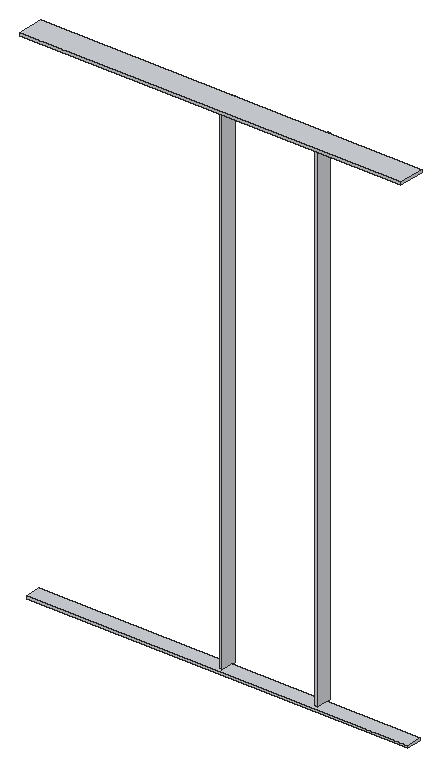
Revit family "AVLN_Ограждение типовое_соединитель", category Специальное оборудование, Revit 2021
Family settings
  Размер круглого соединителя = Использовать диаметр
  Тип детали = Нормальный
  На основе рабочей плоскости = Нет
  Всегда вертикально = Да
  При загрузке вырезать с полостями = Нет
  Общий = Нет
  Точка принадлежности помещению = Нет
Parameters (values of type "тип 1")
  число стоек = if(Число стоек расчет < 2, 2, Число стоек расчет + 1)  # 2
  справа до стойки = 0 mm
  перепад высоты = tan(Угол_реальный) * Длина  # 0 mm
  от 3 до4 стержня = 200 mm
  Ширина проступи = 300 mm
  Шаг разделительных стоек = 150 mm
  Число стоек расчет = (Длина - (слева до стойки + справа до стойки)) / Расстояние между стойками  # 1
  Число = 2 mm
  Уклон по углу = yes
  Угол_реальный = if(Уклон по углу, Угол, atan(Высота подступенка / Ширина проступи))  # 0.00°
  Угол = 0.00°
  Стойки = no
  Стойка = направляющие : Прокат_квадрат_20х20
  Стержень_3 = направляющие : Прокат_полоса 25х4
  Стержень_2 = направляющие : Прокат_полоса 25х4
  Стержень_1 = направляющие : Прокат_полоса 25х4
  Стержень 4 = направляющие : Прокат_полоса 25х4
  Смещение стоек по высоте справа = tan(Угол_реальный) * справа до стойки  # 0 mm
  Смещение стоек по высоте слева = tan(Угол_реальный) * слева до стойки  # 0 mm
  Смещение поручня по высоте = tan(Угол_реальный) * Вылет верхнего поручня  # 0 mm
  Расчет [instance] = ""
  Расстояние между стойками = 1000 mm
  от поручня до стержня 1 = 200 mm
  от 2 до 3 стержня = 200 mm
  от 1 до 2 стержня = 200 mm
  слева до стойки = 0 mm
  высота поручня от ур.ч.п. = 1000 mm
  смещение вниз от ур.ч.п = 200 mm
  Стоимость = 0
  Расстояние до стены = 0 mm
  Разделительная стойка = направляющие : Прокат_полоса 25х4
  Разделит стойка 9 = Число > 8 mm  # no
  Разделит стойка 8 = Число > 7 mm  # no
  Разделит стойка 7 = Число > 6 mm  # no
  Разделит стойка 6 = Число > 5 mm  # no
  Разделит стойка 5 = Число > 4 mm  # no
  Разделит стойка 4 = Число > 3 mm  # no
  Разделит стойка 3 = Число > 2 mm  # no
  Разделит стойка 2 = Число > 1 mm  # yes
  Разделит стойка 11 = Число > 10 mm  # no
  Разделит стойка 10 = Число > 9 mm  # no
  Разделит стойка 1 = Число > 0.5 mm  # yes
  Позиция для ограждения = 0
  Перепад высоты верхнего поручня = tan(Угол_реальный) * (Длина + Вылет верхнего поручня * 2)  # 0 mm
  Отметка по умолчанию = 0 mm
  Мега_массив = число стоек - 1  # 1
  Марка ограждения = ""
  Крепление к стене = Крепление к стене : 60х200 х 6_Горизонтальная
  Комментарии к типоразмеру = "тип 1"
  Keynote = ""
  Manufacturer = ""
  Длина_проверочная = (слева до стойки + справа до стойки) + ((число стоек - 1) * Расстояние между стойками)  # 1000 mm
  Длина гипотенузы верхнего поручня = sqrt(Перепад высоты верхнего поручня ^ 2 + (Длина + Вылет верхнего поручня * 2) ^ 2)  # 600 mm
  Длина гипотенузы = sqrt(перепад высоты ^ 2 + Длина ^ 2)  # 600 mm
  Длина = 600 mm
  Группа модели = "Ограждение"
  Высота стоек = высота поручня от ур.ч.п. + смещение вниз от ур.ч.п  # 1200 mm
  Высота разделительных стоек = 800 mm
  Высота подступенка = 120 mm
  Высота ограждения [instance] = 1200 mm
  Вылет верхнего поручня = 0 mm
  Видимость_стержень_4 = yes
  Видимость_стержень_3 = no
  Видимость_стержень_2 = no
  Видимость_стержень_1 = no
  Верхний поручень = направляющие : Прокат_полоса_40х4
  URL = ""
  ADSK_Примечание [instance] = ""
  ADSK_Позиция = ""
  ADSK_Обозначение = ""
  ADSK_Номер секции [instance] = ""
  ADSK_Наименование = ""
Reference planes
  plane 1 "По центру (Вперед/Назад)": y = 0
  plane 2: z = 0
  plane 3 "Слева": x = 0
  plane 4 "справа до стойки": x = 600
  plane 5: z = 800
  plane 6: y = 10
  plane 7 "Слева до стойки": x = 0
  plane 8 "справа": x = 600
  plane 9: z = -200
  plane 10: z = 1000
  plane 11 "2 стерженьь": z = 600
  plane 12 "3 стерженьь": z = 400
  plane 13: z = -200
  plane 14 "1 стержень": z = 800
  plane 15 "поручень": z = 1000
  plane 16 "2 стержень": z = 600
  plane 17 "3 стержень": z = 400
  plane 18: z = 0
  plane 19: x = 300
  plane 20: z = -200
  plane 21: z = -200
  plane 22 "4стержень": z = 200
  plane 23 "4 стержень": z = 200
  plane 24: y = -10
  plane 25: y = 0
  plane 26: x = 0
  plane 27: z = 1000
  plane 28: x = 600
  plane 29: x = 450
  plane 30: x = 300
  plane 31: x = 150
  plane 32: x = 0
  plane 33: x = -150
  plane 34: x = -300
  plane 35: x = -450
  plane 36: x = -600
  plane 37: x = -750
  plane 38: x = -900
  plane 39: x = -1050
Lines and regions (mm)
  Masking region 1
    outline origin (-150, -2.5, -200) x (1, 0, 0) y (0, 1, 0)
      loop
        circle (150, 0) r 10
  Masking region 2, not visible
    outline origin (-50, 0, 0) x (1, 0, 0) y (0, 1, 0)
      loop
        circle (150, 0) r 10
  Masking region 3
    outline origin (450, -2.5, -200) x (1, 0, 0) y (0, 1, 0)
      loop
        circle (150, 0) r 10
  reference lines
    curve 1: line (2700, 0, 1000) -> (0, 0, 1000)
    curve 2: line (0, 0, 1000) -> (600, 0, 1000)
    curve 3: line (600, 0, 1000) -> (600, 0, 1050)
    curve 4: line (0, 0, 800) -> (2700, 0, 800)
    curve 5: line (0, 0, 600) -> (2700, 0, 600)
    curve 6: line (0, 0, 400) -> (2700, 0, 400)
    curve 7: line (0, 0, 800) -> (600, 0, 800)
    curve 8: line (0, 0, 600) -> (600, 0, 600)
    curve 9: line (600, 0, 800) -> (600, 0, 850)
    curve 10: line (600, 0, 600) -> (600, 0, 650)
    curve 11: line (0, 0, 400) -> (600, 0, 400)
    curve 12: line (600, 0, 400) -> (600, 0, 450)
    curve 13: line (0, 0, 200) -> (2700, 0, 200)
    curve 14: line (0, 0, 200) -> (600, 0, 200)
    curve 15: line (600, 0, 200) -> (600, 0, 250)
  symbolic lines, style "SpecialityEquipment"
    curve 16: line (0, 0, 1000) -> (600, 0, 1000)
  symbolic lines
    curve 17: circle (0, -2.5, 0) r 10 normal (0, 0, 1)
    curve 19: circle (600, -2.5, 0) r 10 normal (0, 0, 1)
  symbolic lines, not visible
    curve 18: circle (100, 0, 200) r 10 normal (0, 0, 1)
Dimensions and locks
  plane 6 to plane 1 "По центру (Вперед/Назад)" = 10 mm
  "Длина": plane 8 "справа" to plane 3 "Слева"
  "слева до стойки": plane 7 "Слева до стойки" to plane 3 "Слева"
  plane 1 "По центру (Вперед/Назад)" to plane 6 = 10 mm
  "справа до стойки": plane 8 "справа" to plane 4 "справа до стойки"
  "высота поручня от ур.ч.п.": plane 10 to level
  "смещение вниз от ур.ч.п": plane 2 to plane 9
  "от поручня до стержня 1": plane 10 to plane 5
  "от 1 до 2 стержня": plane 5 to plane 11 "2 стерженьь"
  "от 2 до 3 стержня": plane 11 "2 стерженьь" to plane 12 "3 стерженьь"
  group 1 to group 2 = 600 mm
  group 1 to group 2 = 0 mm  (x2)
  "Высота ограждения": plane 10 to plane 9
  "высота поручня от ур.ч.п.": plane 15 "поручень" to plane 18
  "от поручня до стержня 1": plane 15 "поручень" to plane 14 "1 стержень"
  "от 1 до 2 стержня": plane 14 "1 стержень" to plane 16 "2 стержень"
  "от 2 до 3 стержня": plane 16 "2 стержень" to plane 17 "3 стержень"
  "смещение вниз от ур.ч.п": plane 18 to plane 13
  equal spacing: plane 4 "справа до стойки", plane 19, plane 7 "Слева до стойки"
  "Длина гипотенузы верхнего поручня": curve 2 to curve 2
  "перепад высоты": plane 15 "поручень" to plane 10
  "Смещение стоек по высоте справа": plane 13 to plane 20
  "Смещение стоек по высоте слева": plane 21 to plane 9
  locked: curve 3 to curve 3 at 50
  locked: curve 9 to curve 9 at 50
  locked: curve 10 to curve 10 at 50
  locked: curve 12 to curve 12 at 50
  "Длина гипотенузы": curve 9 to curve 7
  "Длина гипотенузы": curve 10 to curve 8
  "Длина гипотенузы": curve 12 to curve 11
  group 3 to group 4 = 600 mm
  group 3 to group 4 = 0 mm  (x2)
  locked: curve 15 to curve 15 at 50
  "от 3 до4 стержня": plane 17 "3 стержень" to plane 23 "4 стержень"
  "Длина гипотенузы": curve 15 to nested 9
  "от 3 до4 стержня": plane 12 "3 стерженьь" to plane 22 "4стержень"
  equal spacing: plane 24, plane 1 "По центру (Вперед/Назад)", plane 6
  locked: plane 24 to plane 6 at 20
  "Расстояние до стены": plane 25 to plane 1 "По центру (Вперед/Назад)"
  "Вылет верхнего поручня": plane 26 to plane 3 "Слева"
  "Смещение поручня по высоте": plane 10 to plane 27
  "Длина гипотенузы верхнего поручня": plane 26 to plane 28
  "Шаг разделительных стоек": plane 4 "справа до стойки" to plane 29 to plane 30 to plane 31 to plane 32 to plane 33 to plane 34 to plane 35 to plane 36 to plane 37 to plane 38 to plane 39
  "Угол_реальный": angle curve 1 to curve 2
  locked: curve 3 to curve 2 (angle 90.00°)
  locked: curve 9 to curve 7 (angle 90.00°)
  locked: curve 10 to curve 8 (angle 90.00°)
  locked: curve 12 to curve 11 (angle 90.00°)
  "Угол_реальный": angle curve 4 to curve 7
  "Угол_реальный": angle curve 5 to curve 8
  "Угол_реальный": angle curve 6 to curve 11
  locked: curve 15 to curve 14 (angle 90.00°)
  "Угол_реальный": angle curve 13 to curve 14
  aligned and locked: level to plane 2
  aligned and locked: plane 7 "Слева до стойки" to nested 2
  aligned and locked: plane 4 "справа до стойки" to nested 4
  aligned and locked: nested 1 to curve 2
  aligned and locked: nested 1 to curve 3
  aligned and locked: curve 4 to plane 5
  aligned and locked: curve 5 to plane 11 "2 стерженьь"
  aligned and locked: nested 5 to curve 7
  aligned and locked: nested 6 to curve 8
  aligned and locked: nested 7 to curve 11
  aligned and locked: nested 7 to curve 12
  aligned and locked: nested 6 to curve 10
  aligned and locked: nested 5 to curve 9
  aligned and locked: plane 1 "По центру (Вперед/Назад)" to nested 1
  aligned and locked: plane 4 "справа до стойки" to nested 8
  aligned and locked: plane 20 to nested 8
  aligned and locked: nested 3 to plane 1 "По центру (Вперед/Назад)"
  aligned and locked: nested 8 to plane 1 "По центру (Вперед/Назад)"
  aligned and locked: curve 13 to plane 22 "4стержень"
  aligned and locked: nested 9 to curve 14  (x2)
  aligned and locked: nested 9 to curve 15
  aligned and locked: plane 1 "По центру (Вперед/Назад)" to curve 16
  aligned and locked: plane 7 "Слева до стойки" to curve 17
  aligned and locked: plane 8 "справа" to curve 15
  aligned and locked: curve 6 to plane 12 "3 стерженьь"
  aligned and locked: plane 21 to nested 3
  aligned and locked: plane 21 to nested 2
  aligned and locked: plane 20 to nested 4
  aligned and locked: plane 7 "Слева до стойки" to nested 3
  aligned and locked: plane 25 to nested 2
  aligned and locked: plane 25 to nested 4
  aligned and locked: curve 1 to plane 27
  aligned and locked: plane 26 to curve 1
  aligned and locked: plane 26 to curve 16
  aligned and locked: plane 28 to curve 16
  aligned and locked: nested 10 to plane 23 "4 стержень"
  aligned and locked: nested 11 to plane 23 "4 стержень"
  aligned and locked: plane 22 "4стержень" to nested 12
  aligned and locked: plane 22 "4стержень" to nested 13
  aligned and locked: nested 10 to plane 29
  aligned and locked: nested 11 to plane 30
  aligned and locked: nested 13 to plane 31
  aligned and locked: nested 12 to plane 32
  aligned and locked: plane 22 "4стержень" to nested 14
  aligned and locked: nested 14 to plane 33
  aligned and locked: nested 15 to plane 34
  aligned and locked: nested 16 to plane 35
  aligned and locked: nested 17 to plane 36
  aligned and locked: plane 22 "4стержень" to nested 15
  aligned and locked: plane 22 "4стержень" to nested 16
  aligned and locked: plane 22 "4стержень" to nested 17
  aligned and locked: plane 22 "4стержень" to nested 18
  aligned and locked: nested 18 to plane 37
  aligned and locked: nested 19 to plane 38
  aligned and locked: nested 20 to plane 39
  aligned and locked: plane 22 "4стержень" to nested 19
  aligned and locked: plane 22 "4стержень" to nested 20
Automatic sketch dimensions
  curve 7 to plane 3 "Слева" = 0 mm
  curve 11 to plane 3 "Слева" = 0 mm
  curve 8 to plane 3 "Слева" = 0 mm
  curve 13 to plane 3 "Слева" = 0 mm
  radius of Masking region 1 sketch curve = 10 mm
  radius of Masking region 2 sketch curve = 10 mm
  radius of Masking region 3 sketch curve = 10 mm
Nested families
  nested 1: "направляющие" at (600, -20, 1000) x (-1, 0, 0) z (0, -1, 0), type <- "Верхний поручень", Длина <- "Длина гипотенузы верхнего поручня", Марка ограждения <- "Марка ограждения", ADSK_Номер секции <- "ADSK_Номер секции", Расчет <- "Расчет", ADSK_Позиция <- "ADSK_Позиция", type "Прокат_полоса_40х4"
    with Расчет "", Марка ограждения "", Длина 600 mm, ADSK_Размер_Длина 600 mm, ADSK_Позиция "", ADSK_Номер секции "", ADSK_Масса 3, ADSK_Марка ""
  nested 2: "Крепление к стене" at (0, 6, -300), type <- "Крепление к стене", ADSK_Номер секции <- "ADSK_Номер секции", Марка ограждения <- "Марка ограждения", Расчет <- "Расчет", visible <- "Стойки", ADSK_Позиция <- "ADSK_Позиция", type "60х200 х 6_Горизонтальная"
    with Расчет "", Марка ограждения "", ADSK_Примечание "", ADSK_Позиция "", ADSK_Номер секции ""
  nested 3: "направляющие" at (0, -10, -200) x (0, 0, 1) z (0, -1, 0), Длина <- "Высота стоек", type <- "Стойка", ADSK_Номер секции <- "ADSK_Номер секции", Марка ограждения <- "Марка ограждения", Расчет <- "Расчет", visible <- "Стойки", ADSK_Позиция <- "ADSK_Позиция", type "Прокат_квадрат_20х20"
    with Расчет "", Марка ограждения "", Длина 1200 mm, ADSK_Размер_Длина 1200 mm, ADSK_Позиция "", ADSK_Номер секции "", ADSK_Масса 6, ADSK_Марка ""
  nested 4: "Крепление к стене" at (600, 6, -300), type <- "Крепление к стене", ADSK_Номер секции <- "ADSK_Номер секции", Марка ограждения <- "Марка ограждения", Расчет <- "Расчет", visible <- "Стойки", ADSK_Позиция <- "ADSK_Позиция", type "60х200 х 6_Горизонтальная"
    with Расчет "", Марка ограждения "", ADSK_Номер секции ""
  nested 5: "направляющие" at (600, -7.5, 800) x (-1, 0, 0) z (0, -1, 0), type <- "Стержень_1", Длина <- "Длина гипотенузы", visible <- "Видимость_стержень_1", Марка ограждения <- "Марка ограждения", ADSK_Номер секции <- "ADSK_Номер секции", Расчет <- "Расчет", ADSK_Позиция <- "ADSK_Позиция", type "Прокат_полоса 25х4"
    with Расчет "", Марка ограждения "", Длина 600 mm, ADSK_Размер_Длина 600 mm, ADSK_Позиция "", ADSK_Номер секции "", ADSK_Масса 3, ADSK_Марка ""
  nested 6: "направляющие" at (600, -7.5, 600) x (-1, 0, 0) z (0, -1, 0), type <- "Стержень_2", Длина <- "Длина гипотенузы", visible <- "Видимость_стержень_2", Марка ограждения <- "Марка ограждения", ADSK_Номер секции <- "ADSK_Номер секции", Расчет <- "Расчет", ADSK_Позиция <- "ADSK_Позиция", type "Прокат_полоса 25х4"
    with Расчет "", Марка ограждения "", Длина 600 mm, ADSK_Размер_Длина 600 mm, ADSK_Позиция "", ADSK_Номер секции "", ADSK_Масса 3, ADSK_Марка ""
  nested 7: "направляющие" at (600, -7.5, 400) x (-1, 0, 0) z (0, -1, 0), type <- "Стержень_3", Длина <- "Длина гипотенузы", visible <- "Видимость_стержень_3", Марка ограждения <- "Марка ограждения", ADSK_Номер секции <- "ADSK_Номер секции", Расчет <- "Расчет", ADSK_Позиция <- "ADSK_Позиция", type "Прокат_полоса 25х4"
    with Расчет "", Марка ограждения "", Длина 600 mm, ADSK_Размер_Длина 600 mm, ADSK_Позиция "", ADSK_Номер секции "", ADSK_Масса 3, ADSK_Марка ""
  nested 8: "направляющие" at (600, -10, -200) x (0, 0, 1) z (0, -1, 0), Длина <- "Высота стоек", type <- "Стойка", ADSK_Номер секции <- "ADSK_Номер секции", Марка ограждения <- "Марка ограждения", Расчет <- "Расчет", visible <- "Стойки", ADSK_Позиция <- "ADSK_Позиция", type "Прокат_квадрат_20х20"
    with Расчет "", Марка ограждения "", Длина 1200 mm, ADSK_Размер_Длина 1200 mm, ADSK_Позиция "", ADSK_Номер секции "", ADSK_Масса 6, ADSK_Марка ""
  nested 9: "направляющие" at (600, -7.5, 200) x (-1, 0, 0) z (0, -1, 0), type <- "Стержень 4", Длина <- "Длина гипотенузы", visible <- "Видимость_стержень_4", Марка ограждения <- "Марка ограждения", ADSK_Номер секции <- "ADSK_Номер секции", Расчет <- "Расчет", ADSK_Позиция <- "ADSK_Позиция", type "Прокат_полоса 25х4"
    with Расчет "", Марка ограждения "", Длина 600 mm, ADSK_Размер_Длина 600 mm, ADSK_Позиция "", ADSK_Номер секции "", ADSK_Масса 3, ADSK_Марка ""
  nested 10: "направляющие" at (450, 0, 200) x (0, 0, 1) z (0, -1, 0), Длина <- "Высота разделительных стоек", type <- "Разделительная стойка", visible <- "Разделит стойка 1", ADSK_Позиция <- "ADSK_Позиция", type "Прокат_полоса 25х4"
    with Расчет "", Марка ограждения "", Длина 800 mm, ADSK_Размер_Длина 800 mm, ADSK_Позиция "", ADSK_Номер секции "", ADSK_Масса 4, ADSK_Марка ""
  nested 11: "направляющие" at (300, 0, 200) x (0, 0, 1) z (0, -1, 0), Длина <- "Высота разделительных стоек", type <- "Разделительная стойка", visible <- "Разделит стойка 2", ADSK_Позиция <- "ADSK_Позиция", type "Прокат_полоса 25х4"
    with Расчет "", Марка ограждения "", Длина 800 mm, ADSK_Размер_Длина 800 mm, ADSK_Позиция "", ADSK_Номер секции "", ADSK_Масса 4, ADSK_Марка ""
  nested 12: "направляющие" at (0, 0, 200) x (0, 0, 1) z (0, -1, 0), Длина <- "Высота разделительных стоек", type <- "Разделительная стойка", visible <- "Разделит стойка 4", ADSK_Позиция <- "ADSK_Позиция", type "Прокат_полоса 25х4"
    with Расчет "", Марка ограждения "", Длина 800 mm, ADSK_Размер_Длина 800 mm, ADSK_Позиция "", ADSK_Номер секции "", ADSK_Масса 4, ADSK_Марка ""
  nested 13: "направляющие" at (150, 0, 200) x (0, 0, 1) z (0, -1, 0), Длина <- "Высота разделительных стоек", type <- "Разделительная стойка", visible <- "Разделит стойка 3", ADSK_Позиция <- "ADSK_Позиция", type "Прокат_полоса 25х4"
    with Расчет "", Марка ограждения "", Длина 800 mm, ADSK_Размер_Длина 800 mm, ADSK_Позиция "", ADSK_Номер секции "", ADSK_Масса 4, ADSK_Марка ""
  nested 14: "направляющие" at (-150, 0, 200) x (0, 0, 1) z (0, -1, 0), Длина <- "Высота разделительных стоек", type <- "Разделительная стойка", visible <- "Разделит стойка 5", ADSK_Позиция <- "ADSK_Позиция", type "Прокат_полоса 25х4"
    with Расчет "", Марка ограждения "", Длина 800 mm, ADSK_Размер_Длина 800 mm, ADSK_Позиция "", ADSK_Номер секции "", ADSK_Масса 4, ADSK_Марка ""
  nested 15: "направляющие" at (-300, 0, 200) x (0, 0, 1) z (0, -1, 0), Длина <- "Высота разделительных стоек", type <- "Разделительная стойка", visible <- "Разделит стойка 6", ADSK_Позиция <- "ADSK_Позиция", type "Прокат_полоса 25х4"
    with Расчет "", Марка ограждения "", Длина 800 mm, ADSK_Размер_Длина 800 mm, ADSK_Позиция "", ADSK_Номер секции "", ADSK_Масса 4, ADSK_Марка ""
  nested 16: "направляющие" at (-450, 0, 200) x (0, 0, 1) z (0, -1, 0), Длина <- "Высота разделительных стоек", type <- "Разделительная стойка", visible <- "Разделит стойка 7", ADSK_Позиция <- "ADSK_Позиция", type "Прокат_полоса 25х4"
    with Расчет "", Марка ограждения "", Длина 800 mm, ADSK_Размер_Длина 800 mm, ADSK_Позиция "", ADSK_Номер секции "", ADSK_Масса 4, ADSK_Марка ""
  nested 17: "направляющие" at (-600, 0, 200) x (0, 0, 1) z (0, -1, 0), Длина <- "Высота разделительных стоек", type <- "Разделительная стойка", visible <- "Разделит стойка 8", ADSK_Позиция <- "ADSK_Позиция", type "Прокат_полоса 25х4"
    with Расчет "", Марка ограждения "", Длина 800 mm, ADSK_Размер_Длина 800 mm, ADSK_Позиция "", ADSK_Номер секции "", ADSK_Масса 4, ADSK_Марка ""
  nested 18: "направляющие" at (-750, 0, 200) x (0, 0, 1) z (0, -1, 0), Длина <- "Высота разделительных стоек", type <- "Разделительная стойка", visible <- "Разделит стойка 9", ADSK_Позиция <- "ADSK_Позиция", type "Прокат_полоса 25х4"
    with Расчет "", Марка ограждения "", Длина 800 mm, ADSK_Размер_Длина 800 mm, ADSK_Позиция "", ADSK_Номер секции "", ADSK_Масса 4, ADSK_Марка ""
  nested 19: "направляющие" at (-900, 0, 200) x (0, 0, 1) z (0, -1, 0), Длина <- "Высота разделительных стоек", type <- "Разделительная стойка", visible <- "Разделит стойка 10", ADSK_Позиция <- "ADSK_Позиция", type "Прокат_полоса 25х4"
    with Расчет "", Марка ограждения "", Длина 800 mm, ADSK_Размер_Длина 800 mm, ADSK_Позиция "", ADSK_Номер секции "", ADSK_Масса 4, ADSK_Марка ""
  nested 20: "направляющие" at (-1050, 0, 200) x (0, 0, 1) z (0, -1, 0), Длина <- "Высота разделительных стоек", type <- "Разделительная стойка", visible <- "Разделит стойка 11", ADSK_Позиция <- "ADSK_Позиция", type "Прокат_полоса 25х4"
    with Расчет "", Марка ограждения "", Длина 800 mm, ADSK_Размер_Длина 800 mm, ADSK_Позиция "", ADSK_Номер секции "", ADSK_Масса 4, ADSK_Марка ""
Definition of nested family "направляющие"
  Parameters (values of type "Прокат_полоса_40х4")
    Ширина = 4 mm
    Число = 0 mm
    Труба_круг = no
    Труба_квадрат = yes
    Толщина стенки трубы = 1 mm
    Расчет [instance] = ""
    Прокат_круг = no
    Прокат_квадрат = no
    Позиция для ограждения = 0
    Default Elevation = 1219.2 mm
    Масса = 0.00 kg
    Марка ограждения [instance] = ""
    Model = "Элемент ограждения"  # constant formula
    Высота/Диаметр = 40 mm
    Description = "ОГ"
    Длина [instance] = 1150 mm
    ADSK_Размер_Длина [instance] = Длина  # 1150 mm
    ADSK_Позиция [instance] = ""
    ADSK_Обозначение = "С235 ГОСТ27772-2015"
    ADSK_Номер секции [instance] = ""
    ADSK_Наименование = "Полоса 4х25 ГОСТ 103-2006"
    ADSK_Масса погонного метра = 5  # constant formula
    ADSK_Масса [instance] = ADSK_Масса погонного метра * ADSK_Размер_Длина / 1000 mm  # 5.75
    ADSK_Марка [instance] = ""
  Types (6, lengths in mm): name | Ширина | Труба_круг | Труба_квадрат | Толщина стенки трубы | Прокат_круг | Прокат_квадрат | Высота/Диаметр | Description
    Труба_квадрат_40х100 | 40 | no | yes | 2.5 | no | no | 100 | "ОГ"
    Труба_круг_50х2.5 | 15 | yes | no | 2.5 | no | no | 50 | "ОГ"
    Прокат_круг_20х2,5 | 15 | no | no | 2.5 | yes | no | 20 | "ОГ"
    Прокат_квадрат_20х20 | 20 | no | no | 2.5 | no | yes | 20 | "ОГ"
    Прокат_полоса 25х4 | 4 | no | no | 1 | no | yes | 25 | ""
    Прокат_полоса_40х4 | 4 | no | yes | 1 | no | no | 40 | "ОГ"
  Reference planes
    plane 1 "По центру (Вперед/Назад)": y = 0
    plane 2: z = 0
    plane 3 "По центру (Влево/Вправо)": x = 0
    plane 4: x = 1150
    plane 5: z = -40
    plane 6: z = -20
    plane 7: y = -2
    plane 8: y = 2
    plane 9: x = 575
  Forms (mm)
    Sweep 1, solid, visible <- "Труба_круг"
      path in 3D
        loop
          line (0, 0, 0) -> (1150, 0, 0)
      profile "круглый профиль_полый : Круглый профиль_полый" origin (575, 0, 0) x (0, 1, 0) y (0, 0, 1)
        loop
          circle (0, -20) r 19
        loop
          circle (0, -20) r 20
    Sweep 2, solid, visible <- "Труба_квадрат"
      path in 3D
        loop
          line (0, 0, 0) -> (1150, 0, 0)
      profile "квадратный профиль_полый : Круглый профиль_полый" origin (575, 0, 0) x (0, 1, 0) y (0, 0, 1)
        loop
          line (-1, -1) -> (-1, -39) -> (1, -39) -> (1, -1) -> (-1, -1)
        loop
          line (-2, 0) -> (-2, -40) -> (2, -40) -> (2, 0) -> (-2, 0)
    Sweep 3, solid, visible <- "Прокат_квадрат"
      path in 3D
        loop
          line (0, 0, 0) -> (1150, 0, 0)
      profile "квадратный профиль : Круглый профиль_полый" origin (575, 0, 0) x (0, 1, 0) y (0, 0, 1)
        loop
          line (-2, 0) -> (-2, -40) -> (2, -40) -> (2, 0) -> (-2, 0)
    Sweep 4, solid, visible <- "Прокат_круг"
      path in 3D
        loop
          line (0, 0, 0) -> (1150, 0, 0)
      profile "круглый профиль : Круглый профиль_полый" origin (575, 0, 0) x (0, 1, 0) y (0, 0, 1)
        loop
          circle (0, -20) r 20
  Lines and regions (mm)
    reference lines
      curve 1: line (0, 0, 0) -> (0, 0, -40)
      curve 2: line (0, 3, 0) -> (0, -3, 0)
      curve 3: line (0, 0, 0) -> (1150, 0, 0)
      curve 4: line (0, -2, -20) -> (0, 2, -20)
      curve 5: line (0, 0, -20) -> (1150, 0, -20)
      curve 6: line (0, -2, 0) -> (0, 2, 0)
      curve 7: line (0, -2, -40) -> (0, -2, 0)
      curve 8: line (0, 2, -40) -> (0, -2, -40)
      curve 9: line (0, 2, 0) -> (0, 2, -40)
      curve 10: line (0, 0, -40) -> (1150, 0, -40)
    sketch lines
      curve 11: line (0, 0, 0) -> (1150, 0, 0)
      curve 12: line (0, 0, 0) -> (1150, 0, 0)
      curve 13: line (0, 0, 0) -> (1150, 0, 0)
      curve 14: line (0, 0, 0) -> (1150, 0, 0)
  Dimensions and locks
    "Длина": plane 4 to plane 3 "По центру (Влево/Вправо)"
    "Ширина": plane 7 to plane 8
    "Высота/Диаметр": plane 2 to plane 5
    equal spacing: plane 2, plane 6, plane 5
    equal spacing: plane 7, plane 1 "По центру (Вперед/Назад)", plane 8
    equal spacing: plane 3 "По центру (Влево/Вправо)", plane 9, plane 4
    aligned and locked: level to plane 2
    aligned and locked: plane 1 "По центру (Вперед/Назад)" to curve 1
    aligned and locked: curve 2 to plane 2
    aligned and locked: plane 3 "По центру (Влево/Вправо)" to curve 3
    aligned and locked: plane 4 to curve 3
    aligned and locked: plane 1 "По центру (Вперед/Назад)" to curve 3
    aligned and locked: curve 4 to plane 6
    aligned and locked: plane 8 to curve 4
    aligned and locked: plane 7 to curve 4
    aligned and locked: plane 5 to curve 1
    aligned and locked: plane 2 to curve 1
    aligned and locked: plane 2 to curve 3  (x2)
    aligned and locked: plane 3 "По центру (Влево/Вправо)" to curve 5
    aligned and locked: plane 4 to curve 5
    aligned and locked: curve 5 to plane 6
    aligned and locked: plane 7 to curve 7
    aligned and locked: plane 5 to curve 8
    aligned and locked: curve 9 to plane 8
    aligned and locked: curve 6 to plane 2
    aligned and locked: curve 1 to curve 10
    aligned and locked: Sweep 1 to curve 10
    aligned and locked: curve 10 to plane 5
    aligned and locked: plane 1 "По центру (Вперед/Назад)" to curve 5  (x3)
    aligned and locked: plane 6 to curve 5  (x2)
    aligned and locked: plane 3 "По центру (Влево/Вправо)" to Sweep 2
    aligned and locked: Sweep 2 to plane 4
    aligned and locked: plane 3 "По центру (Влево/Вправо)" to curve 6
    aligned and locked: plane 4 to Sweep 2  (x2)
    aligned and locked: plane 3 "По центру (Влево/Вправо)" to Sweep 1
    aligned and locked: Sweep 1 to plane 4
    aligned and locked: Sweep 4 to plane 4
    aligned and locked: plane 3 "По центру (Влево/Вправо)" to Sweep 4
    aligned and locked: plane 3 "По центру (Влево/Вправо)" to Sweep 3
    aligned and locked: Sweep 3 to plane 4
  Automatic sketch dimensions
    plane 7 to curve 2 = 5 mm
    curve 2 to plane 8 = 5 mm
    plane 4 to curve 10 = 0 mm
Definition of nested family "Крепление к стене"
  Parameters (values of type "60х200 х 6_Горизонтальная")
    Ширина = 60 mm
    Число = 0 mm
    Толщина = 6 mm
    Расчет [instance] = ""
    Позиция для ограждения = 0
    Default Elevation = 0 mm
    Description = "ОГ"
    Масса = 15.00 kg
    Марка ограждения [instance] = ""
    Длина = 200 mm
    Горизонтальная = yes
    Вертикальная = not(Горизонтальная)  # no
    ADSK_Примечание [instance] = ""
    ADSK_Позиция [instance] = ""
    ADSK_Обозначение = ""
    ADSK_Номер секции [instance] = ""
    ADSK_Наименование = ""
  Types (2, lengths in mm): name | Ширина | Длина | Горизонтальная | Вертикальная
    60х200 х 6_Горизонтальная | 60 | 200 | yes | no
    100 х 100 х 6_вертикальная | 100 | 100 | no | yes
  Reference planes
    plane 1 "По центру (Вперед/Назад)": y = 0
    plane 2: z = 0
    plane 3 "По центру (Влево/Вправо)": x = 0
    plane 4: z = 106
    plane 5: z = 200
    plane 6: y = -6
    plane 7: x = -30
    plane 8: x = 30
    plane 9: z = 100
  Forms (mm)
    Extrusion 1, solid, visible <- "Горизонтальная"
      sketch origin (0, 0, 0) x (1, 0, 0) y (0, 1, 0)
        loop
          line (-30, 100) -> (-30, -100) -> (30, -100) -> (30, 100) -> (-30, 100)
      from 100 to 106
    Extrusion 2, solid, visible <- "Вертикальная"
      sketch origin (0, 0, 0) x (1, 0, 0) y (0, 0, 1)
        loop
          line (-30, 200) -> (-30, 0) -> (30, 0) -> (30, 200) -> (-30, 200)
      from 0 to 6
  Dimensions and locks
    plane 9 to plane 4 = 6 mm
    equal spacing: Extrusion 1 sketch curve, plane 1 "По центру (Вперед/Назад)", Extrusion 1 sketch curve
    equal spacing: Extrusion 1 sketch curve, plane 3 "По центру (Влево/Вправо)", Extrusion 1 sketch curve
    plane 1 "По центру (Вперед/Назад)" to Extrusion 1 sketch curve = 100 mm
    plane 3 "По центру (Влево/Вправо)" to Extrusion 1 sketch curve = 30 mm
    "Ширина": Extrusion 1 to Extrusion 1
    "Длина": Extrusion 1 to Extrusion 1
    "Толщина": plane 6 to plane 1 "По центру (Вперед/Назад)"
    "Ширина": plane 8 to plane 7
    equal spacing: plane 8, plane 3 "По центру (Влево/Вправо)", plane 7
    "Длина": plane 5 to plane 2
    equal spacing: plane 5, plane 9, plane 2
    "Толщина": plane 4 to plane 9
    aligned and locked: level to plane 2
    aligned and locked: Extrusion 2 to plane 2
    aligned and locked: plane 5 to Extrusion 2  (x2)
    aligned and locked: Extrusion 2 to plane 6
    aligned and locked: Extrusion 2 to plane 1 "По центру (Вперед/Назад)"
    aligned and locked: Extrusion 2 to plane 7
    aligned and locked: plane 8 to Extrusion 2
    aligned and locked: Extrusion 1 to plane 9
    aligned and locked: plane 4 to Extrusion 1
    aligned and locked: plane 9 to Extrusion 1  (x2)
    aligned and locked: plane 8 to Extrusion 1  (x3)
    aligned and locked: Extrusion 1 to plane 7  (x2)
    aligned and locked: Extrusion 1 to plane 4
    aligned and locked: plane 7 to Extrusion 1
  Automatic sketch dimensions
    Extrusion 2 sketch curve to plane 4 = 106 mm
    Extrusion 2 sketch curve to plane 3 "По центру (Влево/Вправо)" = 30 mm
    plane 3 "По центру (Влево/Вправо)" to Extrusion 2 sketch curve = 30 mm
    Extrusion 2 sketch curve to Extrusion 2 sketch curve = 200 mm
